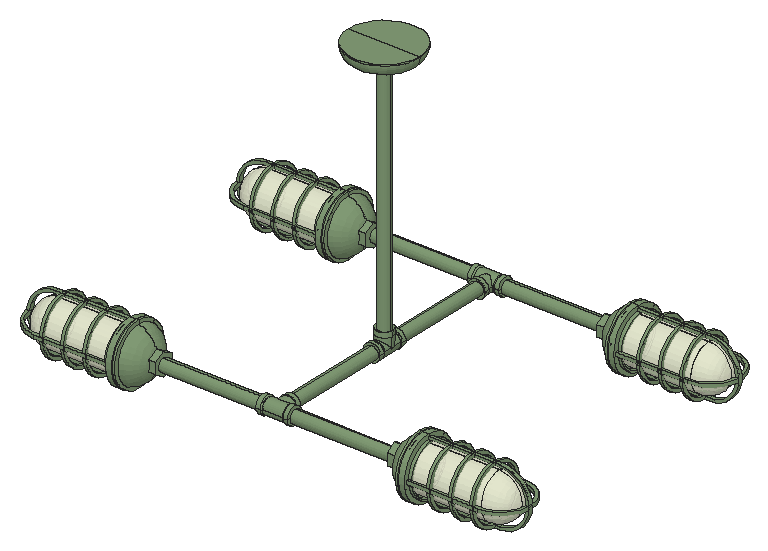
Revit family "PLS1.STXX", category Lighting Fixtures, Revit 2024
Family settings
  Round Connector Dimension = Use Diameter
  Part Type = Normal
  OmniClass Number = 23.80.70.00
  OmniClass Title = Lighting
  Work Plane-Based = No
  Always vertical = Yes
  Cut with Voids When Loaded = No
  Light Source = No
  Maintain Annotation Orientation = No
  Shared = No
  Room Calculation Point = No
Parameters
  Default Elevation = 0' - 0"
Reference planes (in)
  plane 1 "Light Source Axis (F/B)": y = 0
  plane 2: z = 0
  plane 3 "Light Source Axis (L/R)": x = 0
  plane 4 "Light Source Elevation": z = 92.5392
Forms (in)
  Revolve 1, solid, material "55"
    sketch origin (1.43133, 0.00447, 104.02348) x (-1, 0, 0) y (0, 0, -1)
      loop
        line (0.83133, 8.24863) -> (0.99383, 8.24863) -> (0.99383, -8.75137) -> (-0.15915, -8.75137)
        arc (-0.15915, -8.75137) -> (-0.80228, -9.01776) -> (-1.06867, -9.66089) r 0.90952
        line (-1.06867, -9.66089) -> (-1.06867, -9.75137) -> (1.43133, -9.75137) -> (1.43133, 8.24863) -> (1.43133, 9.38966) -> (0.87564, 9.38966) -> (0.87564, 8.54863) -> (0.83133, 8.54863) -> (0.83133, 8.24863)
      axis (1.43133, -9.75137) -> (1.43133, 9.38966)
    angle from 0 to 360
  Revolve 2, solid, material "55"
    sketch origin (-9.36344, -1.41564, 94.68106) x (0.999999, -0.001268, 0) y (0.001268, 0.999999, 0)
      loop
        line (9.36163, 0.31883) -> (9.96163, 0.31883) -> (9.96163, 0.61883)
        arc (9.96163, 0.61883) -> (9.92902, 0.66763) -> (9.91757, 0.7252) r 0.15044
        line (9.91757, 0.7252) -> (9.91757, 2.13745)
        arc (9.91757, 2.13745) -> (9.92902, 2.19502) -> (9.96163, 2.24383) r 0.15044
        line (9.96163, 2.24383) -> (9.96163, 2.54383) -> (9.36163, 2.54383) -> (9.36163, 0.31883)
      axis (9.36163, 0.31883) -> (9.36163, 2.54383)
    angle from 0 to 360
  Revolve 3, solid, material "55"
    sketch origin (-1.43133, 9.3, 6.57775) x (-1, 0, 0) y (0, 0, -1)
      loop
        line (-2.54383, -88.10331) -> (-9.58133, -88.10331) -> (-9.58133, -88.54111) -> (-2.54383, -88.54111) -> (-2.54383, -88.10331)
      axis (-9.58133, -88.10331) -> (-2.54383, -88.10331)
    angle from 0 to 360
  Extrusion 4, solid, material "55"
    sketch origin (-0.72938, -0.1245, 87.84103) x (0, 0, 1) y (0, -1, 0)
      loop
        line (6.05272, -9.36163) -> (6.44638, -10.04346) -> (7.23369, -10.04346) -> (7.62734, -9.36163) -> (7.23369, -8.6798) -> (6.44638, -8.6798) -> (6.05272, -9.36163)
    from 8.87938 to 9.53136
  Extrusion 5, solid, material "55"
    sketch origin (95.11358, 7.87747, 87.84198) x (0, 0, -1) y (1, 0, 0)
      loop
        line (-4.78958, -84.58935) -> (-4.78958, -79.4727)
        arc (-4.78958, -79.4727) -> (-6.84003, -77.42225) -> (-8.89048, -79.4727) r 2.05045
        line (-8.89048, -79.4727) -> (-8.89048, -84.58935) -> (-8.68859, -84.58935) -> (-8.68859, -79.4727)
        arc (-8.68859, -79.4727) -> (-8.1884, -78.20816) -> (-6.95853, -77.62794) r 1.84856
        arc (-6.95853, -77.62794) -> (-5.57549, -78.12432) -> (-4.99147, -79.4727) r 1.84856
        line (-4.99147, -79.4727) -> (-4.99147, -84.58935) -> (-4.78958, -84.58935)
    from -1.47618 to -1.22382
  Revolve 6, solid, material "55"
    sketch origin (95.11358, 9.22545, 87.84198) x (0, 0, -1) y (1, 0, 0)
      loop
        arc (-6.84003, -86.56466) -> (-5.66451, -86.19926) -> (-4.92753, -85.21325) r 1.99411
        line (-4.92753, -85.21325) -> (-4.69794, -85.21325) -> (-4.69794, -85.06325) -> (-4.74264, -85.06325) -> (-4.74264, -84.99313) -> (-4.69794, -84.99313) -> (-4.69794, -84.58935) -> (-4.99147, -84.58935) -> (-4.99147, -84.30461) -> (-5.08522, -84.30461) -> (-5.08522, -84.6831) -> (-4.79169, -84.6831) -> (-4.79169, -84.89938) -> (-4.83639, -84.89938) -> (-4.83639, -85.1195) -> (-4.99589, -85.1195)
        arc (-4.99589, -85.1195) -> (-5.692, -86.10354) -> (-6.84003, -86.4709) r 1.90036
        line (-6.84003, -86.4709) -> (-6.84003, -86.56466)
      loop
        line (-4.99147, -82.87328) -> (-4.99147, -83.07517) -> (-4.78958, -83.07517) -> (-4.78958, -82.87328) -> (-4.99147, -82.87328)
      loop
        line (-4.99147, -81.35911) -> (-4.99147, -81.561) -> (-4.78958, -81.561) -> (-4.78958, -81.35911) -> (-4.99147, -81.35911)
      loop
        line (-4.99147, -79.84493) -> (-4.99147, -80.04682) -> (-4.78958, -80.04682) -> (-4.78958, -79.84493) -> (-4.99147, -79.84493)
      loop
        line (-5.24003, -84.58935) -> (-5.24003, -79.6014)
        arc (-5.24003, -79.6014) -> (-5.70866, -78.47003) -> (-6.84003, -78.0014) r 1.6
        line (-6.84003, -78.0014) -> (-6.84003, -78.09515)
        arc (-6.84003, -78.09515) -> (-5.77495, -78.53632) -> (-5.33378, -79.6014) r 1.50625
        line (-5.33378, -79.6014) -> (-5.33378, -84.58935) -> (-5.24003, -84.58935)
      axis (-6.84003, -86.56466) -> (-6.84003, -78.0014)
    angle from 0 to 360
  Extrusion 7, solid, material "55"
    sketch origin (95.11358, -0.12253, 89.27331) x (0, -1, 0) y (1, 0, 0)
      loop
        line (-11.40045, -84.58935) -> (-11.19856, -84.58935) -> (-11.19856, -79.4727)
        arc (-11.19856, -79.4727) -> (-10.66903, -78.17758) -> (-9.38383, -77.62445) r 1.84856
        arc (-9.38383, -77.62445) -> (-8.05489, -78.15366) -> (-7.50144, -79.4727) r 1.84856
        line (-7.50144, -79.4727) -> (-7.50144, -84.58935) -> (-7.29955, -84.58935) -> (-7.29955, -79.4727)
        arc (-7.29955, -79.4727) -> (-9.35, -77.42225) -> (-11.40045, -79.4727) r 2.05045
        line (-11.40045, -79.4727) -> (-11.40045, -84.58935)
    from 5.28252 to 5.53489
  Revolve 8, solid, material "55"
    sketch origin (1.43133, -0.09897, 94.63876) x (-1, 0, 0) y (0, 1, -0.000526)
      loop
        line (0.83133, 8.24863) -> (1.43133, 8.24863) -> (1.43133, 9.38966) -> (0.87564, 9.38966) -> (0.87564, 8.54863) -> (0.83133, 8.54863) -> (0.83133, 8.24863)
      axis (1.43133, 8.24863) -> (1.43133, 9.38966)
    angle from 0 to 360
  Revolve 9, solid, material "55"
    sketch origin (1.43133, -0.06163, 94.68106) x (0, 1, 0) y (-1, 0, 0)
      loop
        line (9.36163, 0.31883) -> (9.96163, 0.31883) -> (9.96163, 0.61883)
        arc (9.96163, 0.61883) -> (9.92902, 0.66763) -> (9.91757, 0.7252) r 0.15044
        line (9.91757, 0.7252) -> (9.91757, 2.13745)
        arc (9.91757, 2.13745) -> (9.92902, 2.19502) -> (9.96163, 2.24383) r 0.15044
        line (9.96163, 2.24383) -> (9.96163, 2.54383) -> (9.36163, 2.54383) -> (9.36163, 0.31883)
      axis (9.36163, 0.31883) -> (9.36163, 2.54383)
    angle from 0 to 360
  Revolve 10, solid, material "55"
    sketch origin (0, -1.42863, 6.57775) x (0, -1, 0) y (0, 0, -1)
      loop
        line (-2.54383, -88.10331) -> (-9.60145, -88.10331) -> (-9.60145, -88.54111) -> (-2.54383, -88.54111) -> (-2.54383, -88.10331)
      axis (-9.60145, -88.10331) -> (-2.54383, -88.10331)
    angle from 0 to 360
  Revolve 11, solid, material "55"
    sketch origin (1.43133, 9.3, 6.57775) x (1, 0, 0) y (0, 0, 1)
      loop
        line (-2.54383, 88.10331) -> (-2.54383, 88.54111) -> (-9.58133, 88.54111) -> (-9.58133, 88.10331) -> (-2.54383, 88.10331)
      axis (-9.58133, 88.10331) -> (-2.54383, 88.10331)
    angle from 0 to 360
  Extrusion 12, solid, material "55"
    sketch origin (0.72938, -0.1245, 87.84103) x (0, 0, 1) y (0, 1, 0)
      loop
        line (6.05272, 9.36163) -> (6.44638, 8.6798) -> (7.23369, 8.6798) -> (7.62734, 9.36163) -> (7.23369, 10.04346) -> (6.44638, 10.04346) -> (6.05272, 9.36163)
    from 8.87938 to 9.53136
  Extrusion 13, solid, material "55"
    sketch origin (-95.11358, 7.87747, 87.84198) x (0, 0, -1) y (1, 0, 0)
      loop
        line (-4.78958, 84.58935) -> (-4.99147, 84.58935) -> (-4.99147, 79.4727)
        arc (-4.99147, 79.4727) -> (-5.57549, 78.12432) -> (-6.95853, 77.62794) r 1.84856
        arc (-6.95853, 77.62794) -> (-8.1884, 78.20816) -> (-8.68859, 79.4727) r 1.84856
        line (-8.68859, 79.4727) -> (-8.68859, 84.58935) -> (-8.89048, 84.58935) -> (-8.89048, 79.4727)
        arc (-8.89048, 79.4727) -> (-6.84003, 77.42225) -> (-4.78958, 79.4727) r 2.05045
        line (-4.78958, 79.4727) -> (-4.78958, 84.58935)
    from -1.47618 to -1.22382
  Revolve 14, solid, material "55"
    sketch origin (-95.11358, 9.22545, 87.84198) x (0, 0, -1) y (1, 0, 0)
      loop
        line (-6.84003, 86.56466) -> (-6.84003, 86.4709)
        arc (-6.84003, 86.4709) -> (-5.692, 86.10354) -> (-4.99589, 85.1195) r 1.90036
        line (-4.99589, 85.1195) -> (-4.83639, 85.1195) -> (-4.83639, 84.89938) -> (-4.79169, 84.89938) -> (-4.79169, 84.6831) -> (-5.08522, 84.6831) -> (-5.08522, 84.30461) -> (-4.99147, 84.30461) -> (-4.99147, 84.58935) -> (-4.69794, 84.58935) -> (-4.69794, 84.99313) -> (-4.74264, 84.99313) -> (-4.74264, 85.06325) -> (-4.69794, 85.06325) -> (-4.69794, 85.21325) -> (-4.92753, 85.21325)
        arc (-4.92753, 85.21325) -> (-5.66451, 86.19926) -> (-6.84003, 86.56466) r 1.99411
      loop
        line (-4.99147, 82.87328) -> (-4.78958, 82.87328) -> (-4.78958, 83.07517) -> (-4.99147, 83.07517) -> (-4.99147, 82.87328)
      loop
        line (-4.99147, 81.35911) -> (-4.78958, 81.35911) -> (-4.78958, 81.561) -> (-4.99147, 81.561) -> (-4.99147, 81.35911)
      loop
        line (-4.99147, 79.84493) -> (-4.78958, 79.84493) -> (-4.78958, 80.04682) -> (-4.99147, 80.04682) -> (-4.99147, 79.84493)
      loop
        line (-5.24003, 84.58935) -> (-5.33378, 84.58935) -> (-5.33378, 79.6014)
        arc (-5.33378, 79.6014) -> (-5.77495, 78.53632) -> (-6.84003, 78.09515) r 1.50625
        line (-6.84003, 78.09515) -> (-6.84003, 78.0014)
        arc (-6.84003, 78.0014) -> (-5.70866, 78.47003) -> (-5.24003, 79.6014) r 1.6
        line (-5.24003, 79.6014) -> (-5.24003, 84.58935)
      axis (-6.84003, 86.56466) -> (-6.84003, 78.0014)
    angle from 0 to 360
  Extrusion 15, solid, material "55"
    sketch origin (-95.11358, -0.12253, 89.27331) x (0, -1, 0) y (1, 0, 0)
      loop
        line (-11.40045, 84.58935) -> (-11.40045, 79.4727)
        arc (-11.40045, 79.4727) -> (-9.35, 77.42225) -> (-7.29955, 79.4727) r 2.05045
        line (-7.29955, 79.4727) -> (-7.29955, 84.58935) -> (-7.50144, 84.58935) -> (-7.50144, 79.4727)
        arc (-7.50144, 79.4727) -> (-8.05489, 78.15366) -> (-9.38383, 77.62445) r 1.84856
        arc (-9.38383, 77.62445) -> (-10.66903, 78.17758) -> (-11.19856, 79.4727) r 1.84856
        line (-11.19856, 79.4727) -> (-11.19856, 84.58935) -> (-11.40045, 84.58935)
    from 5.28252 to 5.53489
  Revolve 16, solid, material "55"
    sketch origin (-1.43133, -9.3, 6.57775) x (-1, 0, 0) y (0, 0, 1)
      loop
        line (-2.54383, 88.10331) -> (-2.54383, 88.54111) -> (-9.58133, 88.54111) -> (-9.58133, 88.10331) -> (-2.54383, 88.10331)
      axis (-9.58133, 88.10331) -> (-2.54383, 88.10331)
    angle from 0 to 360
  Extrusion 17, solid, material "55"
    sketch origin (-0.72938, 0.1245, 87.84103) x (0, 0, 1) y (0, -1, 0)
      loop
        line (6.05272, 9.36163) -> (6.44638, 8.6798) -> (7.23369, 8.6798) -> (7.62734, 9.36163) -> (7.23369, 10.04346) -> (6.44638, 10.04346) -> (6.05272, 9.36163)
    from 8.87938 to 9.53136
  Extrusion 18, solid, material "55"
    sketch origin (95.11358, -7.87747, 87.84198) x (0, 0, -1) y (-1, 0, 0)
      loop
        line (-4.78958, 84.58935) -> (-4.99147, 84.58935) -> (-4.99147, 79.4727)
        arc (-4.99147, 79.4727) -> (-5.57549, 78.12432) -> (-6.95853, 77.62794) r 1.84856
        arc (-6.95853, 77.62794) -> (-8.1884, 78.20816) -> (-8.68859, 79.4727) r 1.84856
        line (-8.68859, 79.4727) -> (-8.68859, 84.58935) -> (-8.89048, 84.58935) -> (-8.89048, 79.4727)
        arc (-8.89048, 79.4727) -> (-6.84003, 77.42225) -> (-4.78958, 79.4727) r 2.05045
        line (-4.78958, 79.4727) -> (-4.78958, 84.58935)
    from -1.47618 to -1.22382
  Revolve 19, solid, material "55"
    sketch origin (95.11358, -9.22545, 87.84198) x (0, 0, -1) y (-1, 0, 0)
      loop
        line (-6.84003, 86.56466) -> (-6.84003, 86.4709)
        arc (-6.84003, 86.4709) -> (-5.692, 86.10354) -> (-4.99589, 85.1195) r 1.90036
        line (-4.99589, 85.1195) -> (-4.83639, 85.1195) -> (-4.83639, 84.89938) -> (-4.79169, 84.89938) -> (-4.79169, 84.6831) -> (-5.08522, 84.6831) -> (-5.08522, 84.30461) -> (-4.99147, 84.30461) -> (-4.99147, 84.58935) -> (-4.69794, 84.58935) -> (-4.69794, 84.99313) -> (-4.74264, 84.99313) -> (-4.74264, 85.06325) -> (-4.69794, 85.06325) -> (-4.69794, 85.21325) -> (-4.92753, 85.21325)
        arc (-4.92753, 85.21325) -> (-5.66451, 86.19926) -> (-6.84003, 86.56466) r 1.99411
      loop
        line (-4.99147, 82.87328) -> (-4.78958, 82.87328) -> (-4.78958, 83.07517) -> (-4.99147, 83.07517) -> (-4.99147, 82.87328)
      loop
        line (-4.99147, 81.35911) -> (-4.78958, 81.35911) -> (-4.78958, 81.561) -> (-4.99147, 81.561) -> (-4.99147, 81.35911)
      loop
        line (-4.99147, 79.84493) -> (-4.78958, 79.84493) -> (-4.78958, 80.04682) -> (-4.99147, 80.04682) -> (-4.99147, 79.84493)
      loop
        line (-5.24003, 84.58935) -> (-5.33378, 84.58935) -> (-5.33378, 79.6014)
        arc (-5.33378, 79.6014) -> (-5.77495, 78.53632) -> (-6.84003, 78.09515) r 1.50625
        line (-6.84003, 78.09515) -> (-6.84003, 78.0014)
        arc (-6.84003, 78.0014) -> (-5.70866, 78.47003) -> (-5.24003, 79.6014) r 1.6
        line (-5.24003, 79.6014) -> (-5.24003, 84.58935)
      axis (-6.84003, 86.56466) -> (-6.84003, 78.0014)
    angle from 0 to 360
  Extrusion 20, solid, material "55"
    sketch origin (95.11358, 0.12253, 89.27331) x (0, 1, 0) y (-1, 0, 0)
      loop
        line (-11.40045, 84.58935) -> (-11.40045, 79.4727)
        arc (-11.40045, 79.4727) -> (-9.35, 77.42225) -> (-7.29955, 79.4727) r 2.05045
        line (-7.29955, 79.4727) -> (-7.29955, 84.58935) -> (-7.50144, 84.58935) -> (-7.50144, 79.4727)
        arc (-7.50144, 79.4727) -> (-8.05489, 78.15366) -> (-9.38383, 77.62445) r 1.84856
        arc (-9.38383, 77.62445) -> (-10.66903, 78.17758) -> (-11.19856, 79.4727) r 1.84856
        line (-11.19856, 79.4727) -> (-11.19856, 84.58935) -> (-11.40045, 84.58935)
    from 5.28252 to 5.53489
  Revolve 21, solid, material "55"
    sketch origin (1.43133, 0.09897, 94.63876) x (-1, 0, 0) y (0, 1, 0.000526)
      loop
        line (0.83133, -8.24863) -> (0.83133, -8.54863) -> (0.87564, -8.54863) -> (0.87564, -9.38966) -> (1.43133, -9.38966) -> (1.43133, -8.24863) -> (0.83133, -8.24863)
      axis (1.43133, -8.24863) -> (1.43133, -9.38966)
    angle from 0 to 360
  Revolve 22, solid, material "55"
    sketch origin (1.43133, 0.06163, 94.68106) x (0, 1, 0) y (-1, 0, 0)
      loop
        line (-9.36163, 0.31883) -> (-9.36163, 2.54383) -> (-9.96163, 2.54383) -> (-9.96163, 2.24383)
        arc (-9.96163, 2.24383) -> (-9.92902, 2.19502) -> (-9.91757, 2.13745) r 0.15044
        line (-9.91757, 2.13745) -> (-9.91757, 0.7252)
        arc (-9.91757, 0.7252) -> (-9.92902, 0.66763) -> (-9.96163, 0.61883) r 0.15044
        line (-9.96163, 0.61883) -> (-9.96163, 0.31883) -> (-9.36163, 0.31883)
      axis (-9.36163, 0.31883) -> (-9.36163, 2.54383)
    angle from 0 to 360
  Revolve 23, solid, material "55"
    sketch origin (0, 1.42863, 6.57775) x (0, 1, 0) y (0, 0, 1)
      loop
        line (-2.54383, 88.10331) -> (-2.54383, 88.54111) -> (-9.60145, 88.54111) -> (-9.60145, 88.10331) -> (-2.54383, 88.10331)
      axis (-9.60145, 88.10331) -> (-2.54383, 88.10331)
    angle from 0 to 360
  Revolve 24, solid, material "55"
    sketch origin (1.43133, -9.3, 6.57775) x (1, 0, 0) y (0, 0, -1)
      loop
        line (-2.54383, -88.10331) -> (-9.58133, -88.10331) -> (-9.58133, -88.54111) -> (-2.54383, -88.54111) -> (-2.54383, -88.10331)
      axis (-9.58133, -88.10331) -> (-2.54383, -88.10331)
    angle from 0 to 360
  Extrusion 25, solid, material "55"
    sketch origin (0.72938, 0.1245, 87.84103) x (0, 0, 1) y (0, 1, 0)
      loop
        line (6.05272, -9.36163) -> (6.44638, -10.04346) -> (7.23369, -10.04346) -> (7.62734, -9.36163) -> (7.23369, -8.6798) -> (6.44638, -8.6798) -> (6.05272, -9.36163)
    from 8.87938 to 9.53136
  Extrusion 26, solid, material "55"
    sketch origin (-95.11358, -7.87747, 87.84198) x (0, 0, -1) y (-1, 0, 0)
      loop
        line (-4.78958, -84.58935) -> (-4.78958, -79.4727)
        arc (-4.78958, -79.4727) -> (-6.84003, -77.42225) -> (-8.89048, -79.4727) r 2.05045
        line (-8.89048, -79.4727) -> (-8.89048, -84.58935) -> (-8.68859, -84.58935) -> (-8.68859, -79.4727)
        arc (-8.68859, -79.4727) -> (-8.1884, -78.20816) -> (-6.95853, -77.62794) r 1.84856
        arc (-6.95853, -77.62794) -> (-5.57549, -78.12432) -> (-4.99147, -79.4727) r 1.84856
        line (-4.99147, -79.4727) -> (-4.99147, -84.58935) -> (-4.78958, -84.58935)
    from -1.47618 to -1.22382
  Revolve 27, solid, material "55"
    sketch origin (-95.11358, -9.22545, 87.84198) x (0, 0, -1) y (-1, 0, 0)
      loop
        arc (-6.84003, -86.56466) -> (-5.66451, -86.19926) -> (-4.92753, -85.21325) r 1.99411
        line (-4.92753, -85.21325) -> (-4.69794, -85.21325) -> (-4.69794, -85.06325) -> (-4.74264, -85.06325) -> (-4.74264, -84.99313) -> (-4.69794, -84.99313) -> (-4.69794, -84.58935) -> (-4.99147, -84.58935) -> (-4.99147, -84.30461) -> (-5.08522, -84.30461) -> (-5.08522, -84.6831) -> (-4.79169, -84.6831) -> (-4.79169, -84.89938) -> (-4.83639, -84.89938) -> (-4.83639, -85.1195) -> (-4.99589, -85.1195)
        arc (-4.99589, -85.1195) -> (-5.692, -86.10354) -> (-6.84003, -86.4709) r 1.90036
        line (-6.84003, -86.4709) -> (-6.84003, -86.56466)
      loop
        line (-4.99147, -82.87328) -> (-4.99147, -83.07517) -> (-4.78958, -83.07517) -> (-4.78958, -82.87328) -> (-4.99147, -82.87328)
      loop
        line (-4.99147, -81.35911) -> (-4.99147, -81.561) -> (-4.78958, -81.561) -> (-4.78958, -81.35911) -> (-4.99147, -81.35911)
      loop
        line (-4.99147, -79.84493) -> (-4.99147, -80.04682) -> (-4.78958, -80.04682) -> (-4.78958, -79.84493) -> (-4.99147, -79.84493)
      loop
        line (-5.24003, -84.58935) -> (-5.24003, -79.6014)
        arc (-5.24003, -79.6014) -> (-5.70866, -78.47003) -> (-6.84003, -78.0014) r 1.6
        line (-6.84003, -78.0014) -> (-6.84003, -78.09515)
        arc (-6.84003, -78.09515) -> (-5.77495, -78.53632) -> (-5.33378, -79.6014) r 1.50625
        line (-5.33378, -79.6014) -> (-5.33378, -84.58935) -> (-5.24003, -84.58935)
      axis (-6.84003, -86.56466) -> (-6.84003, -78.0014)
    angle from 0 to 360
  Extrusion 28, solid, material "55"
    sketch origin (-95.11358, 0.12253, 89.27331) x (0, 1, 0) y (-1, 0, 0)
      loop
        line (-11.40045, -84.58935) -> (-11.19856, -84.58935) -> (-11.19856, -79.4727)
        arc (-11.19856, -79.4727) -> (-10.66903, -78.17758) -> (-9.38383, -77.62445) r 1.84856
        arc (-9.38383, -77.62445) -> (-8.05489, -78.15366) -> (-7.50144, -79.4727) r 1.84856
        line (-7.50144, -79.4727) -> (-7.50144, -84.58935) -> (-7.29955, -84.58935) -> (-7.29955, -79.4727)
        arc (-7.29955, -79.4727) -> (-9.35, -77.42225) -> (-11.40045, -79.4727) r 2.05045
        line (-11.40045, -79.4727) -> (-11.40045, -84.58935)
    from 5.28252 to 5.53489
Dimensions and locks (in)
  aligned and locked: level to plane 2
